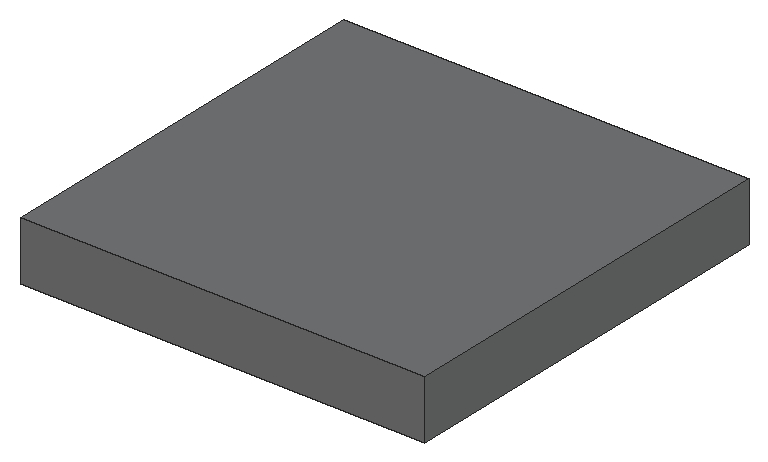
Revit family "Gira_086903", category Electrical Fixtures, host Face, Revit 2017
Family settings
  Host = Face
  Maintain Annotation Orientation = No
  Round Connector Dimension = Use Diameter
  Part Type = Normal
  Cut with Voids When Loaded = No
  Shared = No
  Room Calculation Point = No
Parameters (values of type "Abd. Koaxial-Antennensteckd. System 55 Reinweiß")
  Zusammenstellung = "Zentralplatte"
  Werkstoffgüte = "sonstige"
  Werkstoff = "Kunststoff"
  URL = "http://katalog.gira.de/de_DE/datenblatt.html?artikelnr=086903"
  Transparent = "No"
  Tragring = "No"
  Region = "DE"
  RAL-Nummer (ähnlich) = "9010 "
  Oberfläche = "sonstige"
  Name = "Abd. Koaxial-Antennensteckd. System 55 Reinweiß"
  Montageart = "unter Putz"
  Mit Zugentlastung = "No"
  Mit Staubschutz = "No"
  Mit Klappdeckel = "No"
  Mit Aufdruck = "No"
  Manufacturer URL = "https://www.gira.de/"
  Lüsterklemme = "No"
  Keynote = "Sys55_Abdeckung_Schalten und Tasten"
  HeinzeBIM = "https://bimportal.heinze.de/bim/abd-koaxial-antennensteckd-system-55-reinweiss/3ead357e3d1110b64b02f9928996c7c61ba8526b"
  Halogenfrei = "Yes"
  HAN = "086903"
  Geeignet für Schutzart (IP) = "IP20"
  GTIN = "4010337009504"
  Farbe = "weiß"
  Default Elevation = 1219.2 mm
  Data sheet (1) = "https://katalog.gira.de/de_DE/download.html?artikelnr=086903"
  Category = "Einsatz/Abdeckung für Kommunikationstechnik"
  Beschriftungsfeld = "ohne Beschriftungsfeld"
  Befestigungsart = "Befestigung mit Schraube"
  Available = "Yes"
  Ausführung der Oberfläche = "glänzend"
  Anthrazit [instance] = Anthrazit
Reference planes
  plane 1 "Center (Front/Back)": y = 0
  plane 2: z = 0
  plane 3 "Center (Left/Right)": x = 0
Forms (mm)
  Extrusion 1, solid, material "Anthrazit" <- "Anthrazit", detail levels fine
    sketch origin (0, 0, 0) x (1, 0, 0) y (0, 1, 0)
      loop
        line (-27.5, 27.5) -> (-27.5, -27.5) -> (27.5, -27.5) -> (27.5, 27.5) -> (-27.5, 27.5)
    from 0 to 8
  Extrusion 2, void
    sketch origin (0, 0, 0) x (1, 0, 0) y (0, 1, 0)
      loop
        line (26, 26) -> (-26, 26) -> (-26, -26) -> (26, -26) -> (26, 26)
    from 0 to 6
  Extrusion 3, solid, material "Anthrazit" <- "Anthrazit", detail levels medium
    sketch origin (0, 0, 0) x (1, 0, 0) y (0, 1, 0)
      loop
        line (-27.5, 27.5) -> (-27.5, -27.5) -> (27.5, -27.5) -> (27.5, 27.5) -> (-27.5, 27.5)
    from 0 to 8
  Extrusion 4, solid, material "Anthrazit" <- "Anthrazit", detail levels medium
    sketch origin (0, 0, 0) x (1, 0, 0) y (0, 1, 0)
      loop
        line (11, -17.5) -> (11, 17.5) -> (-11, 17.5) -> (-11, -17.5) -> (11, -17.5)
    from -6 to 6
  Extrusion 5, solid, material "Anthrazit" <- "Anthrazit", detail levels fine
    sketch origin (0, 0, 0) x (1, 0, 0) y (0, 1, 0)
      loop
        line (11, 17.5) -> (-11, 17.5) -> (-11, 16.5) -> (11, 16.5) -> (11, 17.5)
      loop
        line (-11, -16.5) -> (-11, -17.5) -> (11, -17.5) -> (11, -16.5) -> (-11, -16.5)
    from -4 to 6
  Extrusion 6, solid, material "Anthrazit" <- "Anthrazit", detail levels fine
    sketch origin (0, 0, 0) x (1, 0, 0) y (0, 1, 0)
      loop
        arc (5, 9.347) -> (0, 10.6) -> (-5, 9.347) r 10.6
        line (-5, 9.347) -> (-5, -9.347)
        arc (-5, -9.347) -> (0, -10.6) -> (5, -9.347) r 10.6
        line (5, -9.347) -> (5, 9.347)
    from -6 to 6
  Extrusion 7, solid, material "Anthrazit" <- "Anthrazit", detail levels coarse
    sketch origin (0, 0, 0) x (1, 0, 0) y (0, 1, 0)
      loop
        line (-27.5, 27.5) -> (-27.5, -27.5) -> (27.5, -27.5) -> (27.5, 27.5) -> (-27.5, 27.5)
    from -6 to 8
Cuts and joins
  Extrusion 2 cuts Extrusion 1
Dimensions and locks
  aligned and locked: plane 2 to host face
  aligned and locked: level to host face
